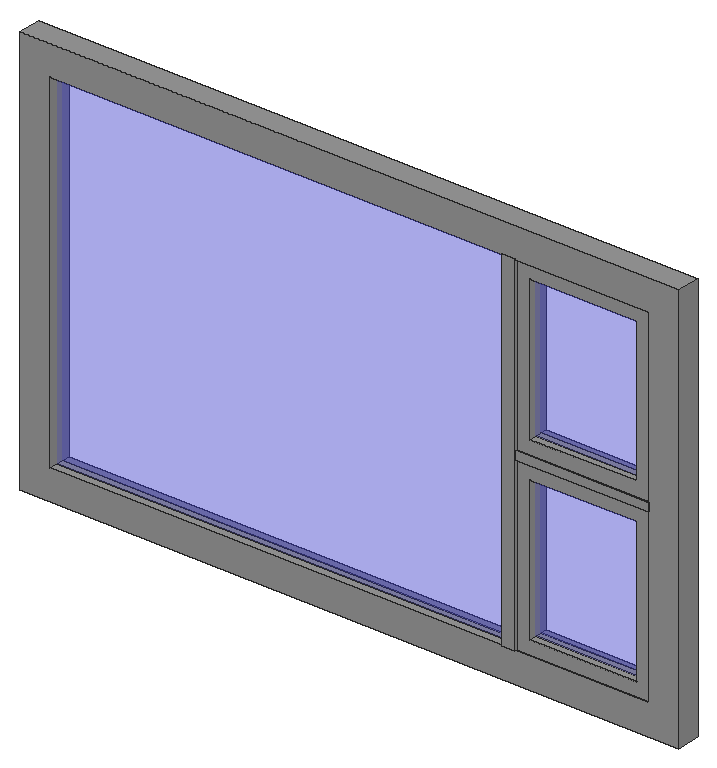
Revit family "Family42", category Windows, host Wall, Revit 2018
Family settings
  Host = Wall
  OmniClass Number = 23.30.20.00
  OmniClass Title = Windows
  Always vertical = Yes
  Cut with Voids When Loaded = No
  Shared = No
  Room Calculation Point = No
Parameters
  Window Frame = White
  Visual Light Transmittance = 0.81
  URL = "www.skywardwindows.co.za"
  Thermal Resistance (R) = 0.3196 (m²·K)/W
  Telephone = "021 276 1800"
  Solar Heat Gain Coefficient = 0.76
  Manufacturer = "Skyward Windows"
  Height = 1490 mm
  Heat Transfer Coefficient (U) = 3.1292 W/(m²·K)
  Glass Thickness = 4 mm
  Glass = Glass
  Frame Width = 46.195 mm
  Email Address = "info@skywardwindows.co.za"
  Default Sill Height = 800 mm
  Wall Closure = By host
  Width = 2390 mm
  Company Address = "Charles Matthews Street Atlantis 7349"
  Analytic Construction = "Double glazing - domestic"
Reference planes
  plane 1 "Center (Front/Back)": y = 0
  plane 2 "Center (Left/Right)": x = 0
  plane 3 "Left": x = -1195
  plane 4 "Right": x = 1195
  plane 5 "Sill": z = 800
  plane 6 "Head": z = 2290
  plane 7 "Exterior": y = 100
  plane 8 "Interior": y = -100
Forms (mm)
  Extrusion 1, solid, material "White" <- "Window Frame"
    sketch origin (0, -100, 0) x (1, 0, 0) y (0, 0, 1)
      loop
        line (-1195, 2290) -> (-1195, 800) -> (1195, 800) -> (1195, 2290) -> (-1195, 2290)
      loop
        line (-1086, 909) -> (1086, 909) -> (1086, 2181) -> (-1086, 2181) -> (-1086, 909)
    from -142 to -58
  Extrusion 2, solid, material "White" <- "Window Frame"
    sketch origin (0, -100, 0) x (1, 0, 0) y (0, 0, 1)
      loop
        line (600, 2181) -> (600, 1560) -> (1086, 1560) -> (1086, 2181) -> (600, 2181)
      loop
        line (650, 2131) -> (650, 1610) -> (1036, 1610) -> (1036, 2131) -> (650, 2131)
    from -134.904 to -64.489
  Extrusion 3, solid, material "White" <- "Window Frame"
    sketch origin (300, -100, 0) x (1, 0, 0) y (0, 0, 1)
      loop
        line (300, 2181) -> (253.805, 2181) -> (253.805, 909) -> (300, 909) -> (300, 2181)
    from -142 to -58
  Extrusion 4, solid, material "Glass" <- "Glass"
    sketch origin (0, 0, 0) x (1, 0, 0) y (0, 1, 0)
      loop
        line (-1086, 14) -> (-1086, 10) -> (553.805, 10) -> (553.805, 14) -> (-1086, 14)
      loop
        line (553.805, -14) -> (553.805, -10) -> (-1086, -10) -> (-1086, -14) -> (553.805, -14)
    from 909 to 2181
  Extrusion 5, solid, material "Glass" <- "Glass"
    sketch origin (0, 0, 0) x (1, 0, 0) y (0, 1, 0)
      loop
        line (650, 14) -> (650, 10) -> (1036, 10) -> (1036, 14) -> (650, 14)
      loop
        line (1036, -14) -> (1036, -10) -> (650, -10) -> (650, -14) -> (1036, -14)
    from 1610 to 2131
  Extrusion 6, solid, material "White" <- "Window Frame"
    sketch origin (0, -100, -651) x (1, 0, 0) y (0, 0, 1)
      loop
        line (600, 2181) -> (600, 1560) -> (1086, 1560) -> (1086, 2181) -> (600, 2181)
      loop
        line (650, 2131) -> (650, 1610) -> (1036, 1610) -> (1036, 2131) -> (650, 2131)
    from -134.904 to -64.489
  Extrusion 7, solid, material "Glass" <- "Glass"
    sketch origin (0, 0, -651) x (1, 0, 0) y (0, 1, 0)
      loop
        line (650, 14) -> (650, 10) -> (1036, 10) -> (1036, 14) -> (650, 14)
      loop
        line (1036, -14) -> (1036, -10) -> (650, -10) -> (650, -14) -> (1036, -14)
    from 1610 to 2131
  Extrusion 8, solid, material "White" <- "Window Frame"
    sketch origin (0, -100, 0) x (1, 0, 0) y (0, 0, 1)
      loop
        line (600, 1560) -> (600, 1530) -> (1086, 1530) -> (1086, 1560) -> (600, 1560)
    from -142 to -58
Lines and regions (mm)
  Opening 1
    outline origin (3500, -100, 0) x (1, 0, 0) y (0, 0, 1)
      loop
        line (-2305, 800) -> (-2305, 2290) -> (-4695, 2290) -> (-4695, 800) -> (-2305, 800)
Text (mm)
  text "EXTERIOR" at (-1963.203, 1332.353, 0), in view "Ref. Level"
  text "INTERIOR" at (-1981.466, -818.386, 0), in view "Ref. Level"
  text "Exterior" at (0, 923.751, 2943.296), in view "Right"
  text "Exterior" at (0, 1040.484, 2685.409), in view "Left"
Dimensions and locks
  equal spacing: plane 3 "Left", plane 2 "Center (Left/Right)", plane 4 "Right"
  "Width": plane 3 "Left" to plane 4 "Right"
  "Height": plane 5 "Sill" to plane 6 "Head"
  "Default Sill Height": plane 5 "Sill" to level
  locked: plane 7 "Exterior" to host wall at 0
  locked: plane 8 "Interior" to host wall
  "Glass Thickness": Extrusion 4 to Extrusion 4
  "Glass Thickness": Extrusion 5 to Extrusion 5
  aligned and locked: Extrusion 1 sketch curve to host wall  (x4)
Automatic sketch dimensions
  plane 3 "Left" to Opening 1 sketch curve = 0 mm
  plane 4 "Right" to Opening 1 sketch curve = 0 mm
  Opening 1 sketch curve to plane 5 "Sill" = 0 mm
  Opening 1 sketch curve to plane 6 "Head" = 0 mm
  Extrusion 1 sketch curve to plane 3 "Left" = 109 mm
  plane 4 "Right" to Extrusion 1 sketch curve = 109 mm
  Extrusion 1 sketch curve to plane 5 "Sill" = 109 mm
  plane 6 "Head" to Extrusion 1 sketch curve = 109 mm
  plane 4 "Right" to Extrusion 2 sketch curve = 595 mm
  Extrusion 2 sketch curve to Extrusion 2 sketch curve = 50 mm  (x4)
  plane 4 "Right" to Extrusion 2 sketch curve = 159 mm
  plane 6 "Head" to Extrusion 2 sketch curve = 730 mm
  plane 6 "Head" to Extrusion 2 sketch curve = 159 mm
  plane 6 "Head" to Extrusion 3 sketch curve = 109 mm
  Extrusion 3 sketch curve to plane 2 "Center (Left/Right)" = 553.805 mm
  Extrusion 3 sketch curve to Extrusion 3 sketch curve = 46.195 mm
  Extrusion 3 sketch curve to plane 5 "Sill" = 109 mm
  Extrusion 4 sketch curve to host wall = 14 mm
  Extrusion 4 sketch curve to plane 3 "Left" = 109 mm
  Extrusion 4 sketch curve to Extrusion 4 sketch curve = 0 mm  (x2)
  Extrusion 4 sketch curve to plane 2 "Center (Left/Right)" = 553.805 mm
  host wall to Extrusion 4 sketch curve = 10 mm
  Extrusion 4 sketch curve to Extrusion 4 sketch curve = 4 mm  (x2)
  Extrusion 5 sketch curve to host wall = 14 mm
  plane 4 "Right" to Extrusion 5 sketch curve = 545 mm
  Extrusion 5 sketch curve to Extrusion 5 sketch curve = 0 mm  (x2)
  plane 4 "Right" to Extrusion 5 sketch curve = 159 mm
  host wall to Extrusion 5 sketch curve = 10 mm
  Extrusion 5 sketch curve to Extrusion 5 sketch curve = 4 mm  (x2)
  Extrusion 6 sketch curve to plane 5 "Sill" = 109 mm
  plane 4 "Right" to Extrusion 6 sketch curve = 595 mm
  Extrusion 6 sketch curve to Extrusion 6 sketch curve = 50 mm  (x4)
  plane 4 "Right" to Extrusion 6 sketch curve = 159 mm
  Extrusion 6 sketch curve to Extrusion 6 sketch curve = 521 mm
  Extrusion 7 sketch curve to host wall = 14 mm
  plane 4 "Right" to Extrusion 7 sketch curve = 545 mm
  Extrusion 7 sketch curve to Extrusion 7 sketch curve = 0 mm  (x2)
  plane 4 "Right" to Extrusion 7 sketch curve = 159 mm
  host wall to Extrusion 7 sketch curve = 10 mm
  Extrusion 7 sketch curve to Extrusion 7 sketch curve = 4 mm  (x2)
  plane 4 "Right" to Extrusion 8 sketch curve = 595 mm
  plane 4 "Right" to Extrusion 8 sketch curve = 109 mm
  Extrusion 8 sketch curve to plane 5 "Sill" = 730 mm
  Extrusion 8 sketch curve to Extrusion 8 sketch curve = 30 mm
